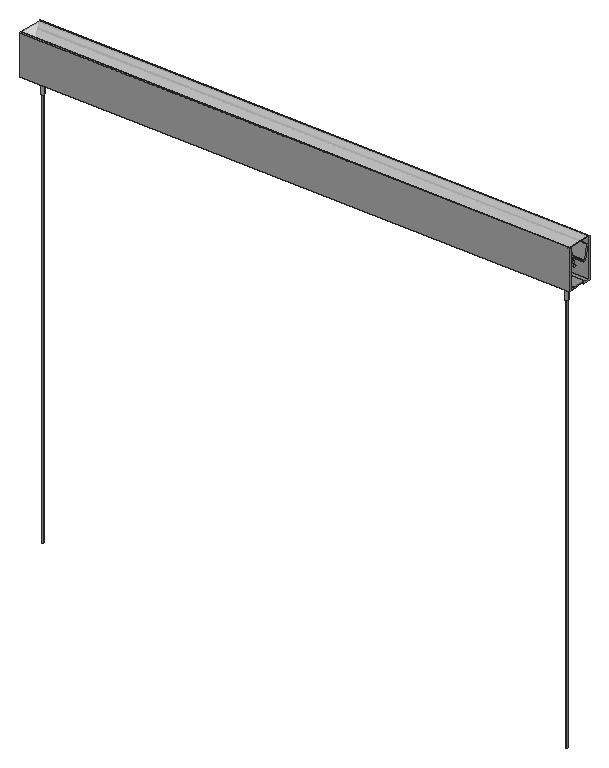
Revit family "2059333 Sylvania Lighting Fixture MC2 D I 1-2M 4K DALIEM WHT OPAL", category Lighting Fixtures, host Face, Revit 2016
Family settings
  Host = Face
  Part Type = Normal
  Round Connector Dimension = Use Diameter
  OmniClass Number = 23.80.70.11.17
  OmniClass Title = Specialized Lighting by Location or Use
  Cut with Voids When Loaded = No
  Light Source = Yes
  Shared = No
  Room Calculation Point = No
Parameters (values of type "2059333 MC2 D/I 1.2M 4K DALIEM WHT OPAL Emergency mode")
  Width_SYL = 54.0 mm
  Weight = "3.4 kg"
  Wattage = 35 W
  WarrantyStartDate [instance] = "n/a"
  WarrantyGuarantorParts = "n/a"
  WarrantyDurationUnit = "n/a"
  WarrantyDurationParts = "n/a"
  WarrantyDescription = "n/a"
  built-in parameter 1150110 = 1 (stored number, unit not read)
  Voltage = 0 V
  URL = "http://www.sylvania-lighting.com"
  TypeName = "MC2 D/I 1.2M 4K DALIEM WHT OPAL Emergency mode"
  built-in parameter 1114217 = 1 (stored number, unit not read)
  Tilt Angle = -90.00°
  built-in parameter 1150109 = 1 (stored number, unit not read)
  built-in parameter 1150134 = 12
  built-in parameter 1150113 = 1 (stored number, unit not read)
  SerialNumber [instance] = "n/a"
  PowerFactor = 0.95
  PowerConsumption = "35 W"
  NominalWidth = 0.0 mm
  NominalLength = 1200.0 mm
  NominalHeight = 86.0 mm
  Name = "MC2 D/I 1.2M 4K DALIEM WHT OPAL Emergency mode"
  ModelReference = "MC2 D/I 1.2M 4K DALIEM WHT OPAL"
  ModelNumber = "2059333"
  Material_3_SYL = Metal_Sylvania_Mini Contiuum II_Silver
  Photometric Web File = "2059333EM.ies"
  Material_4_SYL = Metal_Sylvania_Mini Contiuum II_Silver
  MountingHeight_SYL [instance] = 1000.0 mm
  Material = "aluminium housing, polycarbonate diffuser"
  ManufacturerName = "Feilo Sylvania"
  LuminousEfficacy = "3.457 lm/W"
  LuminaireType = ""
  LightOutputRatio = "100"
  Length_SYL = 1200.0 mm
  LampsType = Lamp  # "LED"
  LampNominalLuminous = "121 lm"
  LampMacAdamStep = "3"
  LampColourTemperature = "4000 K"
  LampColourRenderingIndex = "80"
  Keynote = "16500"
  InstallationDate [instance] = "n/a"
  InputVoltage = "n/a"
  InputNominalFrequency = "n/a"
  IngressProtection = "IP20"
  ImpactProtectionIndex = "n/a"
  IfcExportType = "IfcLightFixtureType"
  IfcExportAs = "IfcLightFixtureType"
  Height_SYL = 86.0 mm
  ExpectedLife = 50000
  EndCapRight_SYL [instance] = no
  EndCapLeft_SYL [instance] = no
  Emit from Rectangle Width = Width_SYL - 2.0 mm  # 52.0 mm
  Emit from Rectangle Length = Length_SYL  # 1200.0 mm
  Emit Shape Visible in Rendering = no
  ElectricShockClassification = "Class I"
  DurationUnit = "hours"
  DocumentationLiterature = "http://www.sylvania-lighting.com/product/en-int/products/2059333"
  DimmingControlOptions = "n/a"
  CreatedOn = "10/15/2018"
  CreatedBy = "@sylvania-lighting.com"
  built-in parameter 1114216 [instance] = 1 (stored number, unit not read)
  Model = "MC2 D/I 1.2M 4K DALIEM WHT OPAL"
  Manufacturer = "Feilo Sylvania"
  built-in parameter 1150105 = 9.6289 (stored number, unit not read)
  Lumens = 121 lm
  built-in parameter 1150115 = 1 (stored number, unit not read)
  built-in parameter 1150137 = (empty or 0)
  built-in parameter 1150139 = (empty or 0)
  built-in parameter 1150112 = 1 (stored number, unit not read)
  built-in parameter 1150114 = 1 (stored number, unit not read)
  Lamp = "LED"
  built-in parameter 1150132 = 2
  built-in parameter 1150102 = (empty or 0)
  built-in parameter 1150107 = 4000 (stored number, unit not read)
  built-in parameter 1150138 = (empty or 0)
  built-in parameter 1150106 = 0.096289 (stored number, unit not read)
  Material_1_SYL = Metal_Sylvania_Mini Continuum II_White
  built-in parameter 1150104 = 0.32118 (stored number, unit not read)
  Dimming Lamp Color Temperature Shift = <None>
  Material_2_SYL = Polycarbonate_Sylvania_Mini Continuum II_Opal_4000K
  Description = "2059333   MC2 D/I 1.2M 4K DALIEM WHT OPAL  Continuous lines of LED light, white RAL 9016, direct/indirect distribution (65/35), various accessories available, compact and minimalist design based on the Golden Mean, ideal for offices, meeting rooms, corridors, education facilities, museums and libraries, extruded aluminium body, diffuser: opal, colour temperature: 4000K neutral white, total system power: 35W, total fixture output: 3833lm, luminaire efficacy: 110lm/W, LOR: 100%, colour rendering: Ra >80, LED Chromacity: 1 step MacAdam ellipse, lifetime: 60,000 hours at 90% of the original output (L90), energy class: A++, A+, A, IR/UV free light source without heat radiation, operating voltage: 220-240V / 50-60Hz, drive current: (Direct) 800mA + (Indirect) 350mA, electronic driver, DALI dimmable, direct/indirect independently addressable, integral emergency: 3 hour maintained, electrical protection: CLASS I, ingress protection rating: IP20, suitable for internal environment only."
  Default Elevation = 0.0 mm
  Color Filter = 16777215
  built-in parameter 1140040 [instance] = 1
  BarCode [instance] = "n/a"
  built-in parameter 1114218 = 1 (stored number, unit not read)
  built-in parameter 1150133 = 10 (stored number, unit not read)
  AssetType = "Fixed"
  AssetIdentifier [instance] = "n/a"
  Assembly Code = "D5020200"
  Apparent Load = 35 VA
Types (2, lengths in mm): name | TypeName | Name | Photometric Web File | LuminousEfficacy | LampNominalLuminous | built-in parameter 1150105 | Lumens | built-in parameter 1150106 | built-in parameter 1150104
  2059333 MC2 D/I 1.2M 4K DALIEM WHT OPAL Emergency mode | "MC2 D/I 1.2M 4K DALIEM WHT OPAL Emergency mode" | "MC2 D/I 1.2M 4K DALIEM WHT OPAL Emergency mode" | "2059333EM.ies" | "3.457 lm/W" | "121 lm" | 9.6289 (stored number, unit not read) | 121 lm | 0.096289 (stored number, unit not read) | 0.32118 (stored number, unit not read)
  2059333 MC2 D/I 1.2M 4K DALIEM WHT OPAL | "MC2 D/I 1.2M 4K DALIEM WHT OPAL" | "MC2 D/I 1.2M 4K DALIEM WHT OPAL" | "2059333.ies" | "115 lm/W" | "4032 lm" | 320.3 (stored number, unit not read) | 4025 lm | 3.203 (stored number, unit not read) | 10.684 (stored number, unit not read)
Reference planes
  plane 1 "Center (Front/Back)": y = 0
  plane 2 "Bottom Fixtures": z = 0
  plane 3 "Center (Left/Right)": x = 0
  plane 4 "Fixture Left": x = -600
  plane 5 "Fixture Right": x = 600
  plane 6 "Fixture Bottom": z = 1000
  plane 7: z = 998
  plane 8: z = 996
  plane 9: z = 986.951
  plane 10: z = 956.951
  plane 11 "Fixture Top": z = 914
  plane 12 "Mounting Right": x = 572
  plane 13 "Mounting Left": x = -572
  plane 14: z = 879
  plane 15: y = 27
  plane 16: y = -27
  plane 17: y = -26
  plane 18: y = -25
  plane 19: y = 26
  plane 20: y = 25
  plane 21: y = 11
  plane 22: y = -11
  plane 23: y = 24
  plane 24: y = 22
  plane 25: y = -22
  plane 26: y = 15
  plane 27: y = -15
  plane 28 "Upper Diffuser Left": x = -450
  plane 29 "Upper Diffuser Right": x = 450
  plane 30: x = -602
  plane 31: x = 602
Forms (mm)
  Extrusion 1, solid, material "Metal_Sylvania_Mini Continuum II_White" <- "Material_1_SYL", detail levels fine
    sketch origin (0, 0, 520) x (0, 1, 0) y (0, 0, 1)
      loop
        line (27, 480) -> (26, 480) -> (26, 478) -> (25, 478) -> (25, 396) -> (13, 396) -> (13, 398) -> (-13, 398) -> (-13, 396) -> (-25, 396) -> (-25, 478) -> (-26, 478) -> (-26, 480) -> (-27, 480) -> (-27, 394) -> (-11, 394) -> (-11, 396) -> (11, 396) -> (11, 394) -> (27, 394) -> (27, 480)
    from -600 to 600
  Extrusion 2, solid, material "Polycarbonate_Sylvania_Mini Continuum II_Opal_4000K" <- "Material_2_SYL", detail levels fine
    sketch origin (0, 0, 520) x (0, 1, 0) y (0, 0, 1)
      loop
        line (-26, 480) -> (-26, 478) -> (26, 478) -> (26, 480) -> (-26, 480)
    from -600 to 600
  Extrusion 3, solid, material "Metal_Sylvania_Mini Contiuum II_Silver" <- "Material_3_SYL", detail levels fine
    sketch origin (0, 0, 520) x (0, 1, 0) y (0, 0, 1)
      loop
        line (22, 466.951) -> (20.973, 466.951) -> (14.206, 437.951) -> (11, 437.951) -> (11, 436.951) -> (15, 436.951) -> (22, 466.951)
      loop
        line (-15, 436.951) -> (-11, 436.951) -> (-11, 437.951) -> (-14.206, 437.951) -> (-20.973, 466.951) -> (-22, 466.951) -> (-15, 436.951)
    from -600 to 600
  Extrusion 4, solid, material "Metal_Sylvania_Mini Continuum II_White" <- "Material_1_SYL", detail levels coarse+medium
    sketch origin (0, 0, 520) x (0, 1, 0) y (0, 0, 1)
      loop
        line (-27, 480) -> (-27, 394) -> (27, 394) -> (27, 480) -> (-27, 480)
    from -600 to 600
  Extrusion 5, solid, material "Metal_Sylvania_Mini Contiuum II_Silver" <- "Material_4_SYL", detail levels fine
    sketch origin (0, 0, -86) x (-1, 0, 0) y (0, -1, 0)
      loop
        circle (572, 0) r 4
      loop
        circle (-572, 0) r 4
    from 965 to 1002
  Extrusion 6, solid, material "Metal_Sylvania_Mini Contiuum II_Silver" <- "Material_4_SYL", detail levels fine
    sketch origin (0, 0, -86) x (-1, 0, 0) y (0, -1, 0)
      loop
        circle (-572, 0) r 1
      loop
        circle (572, 0) r 1
    from 86 to 965
  Extrusion 7, solid, material "Polycarbonate_Sylvania_Mini Continuum II_Opal_4000K" <- "Material_2_SYL", detail levels fine
    sketch origin (0, 0, 0) x (0, 1, 0) y (0, 0, 1)
      loop
        arc (11, 916) -> (5.59, 914.504) -> (0, 914) r 31.25
        arc (0, 914) -> (-5.59, 914.504) -> (-11, 916) r 31.25
        line (-11, 916) -> (-11, 914.934)
        arc (-11, 914.934) -> (-5.584, 913.487) -> (0, 913) r 32.25
        arc (0, 913) -> (5.584, 913.487) -> (11, 914.934) r 32.25
        line (11, 914.934) -> (11, 916)
    from -450 to 450
  Extrusion 8, void
    sketch origin (0, 0, 0) x (0, 1, 0) y (0, 0, 1)
      loop
        line (11, 918) -> (-11, 918) -> (-11, 916) -> (11, 916) -> (11, 918)
    from -450 to 450
  Extrusion 9, solid, material "Metal_Sylvania_Mini Continuum II_White" <- "Material_1_SYL", visible <- "EndCapLeft_SYL"
    sketch origin (-600, 171.684, 1219.2) x (0, 1, 0) y (0, 0, 1)
      loop
        line (-198.684, -305.2) -> (-144.684, -305.2) -> (-144.684, -219.2) -> (-198.684, -219.2) -> (-198.684, -305.2)
    from 0 to -2
  Extrusion 10, solid, material "Metal_Sylvania_Mini Continuum II_White" <- "Material_1_SYL", visible <- "EndCapRight_SYL"
    sketch origin (600, 171.684, 1219.2) x (0, 1, 0) y (0, 0, -1)
      loop
        line (-144.684, 219.2) -> (-144.684, 305.2) -> (-198.684, 305.2) -> (-198.684, 219.2) -> (-144.684, 219.2)
    from 0 to -2
Cuts and joins
  Extrusion 8 cuts Extrusion 1
Lines and regions (mm)
  Masking region 1
    outline origin (0, 0, -86) x (-1, 0, 0) y (0, -1, 0)
      loop
        line (600, -27) -> (600, 27) -> (-600, 27) -> (-600, -27) -> (600, -27)
  symbolic lines, detail levels fine
    curve 1: line (-600, 26, -86) -> (600, 26, -86)
    curve 2: line (-600, -26, -86) -> (600, -26, -86)
  model lines, detail levels coarse+medium
    curve 3: line (-572, 0, 914) -> (-572, 0, 0)
    curve 4: line (572, 0, 914) -> (572, 0, 0)
Dimensions and locks
  host sketch curve to plane 3 "Center (Left/Right)" to host sketch curve = 820.0 mm, 775.047 mm
  equal spacing: plane 4 "Fixture Left", plane 3 "Center (Left/Right)", plane 5 "Fixture Right"
  "Length_SYL": plane 4 "Fixture Left" to plane 5 "Fixture Right"
  plane 6 "Fixture Bottom" to plane 7 to plane 8 to plane 9 to plane 10 = 2.0 mm locked, 2.0 mm locked, 9.049 mm locked, 30.0 mm locked
  locked: Extrusion 1 sketch curve to Extrusion 1 sketch curve at 2
  locked: Extrusion 1 sketch curve to plane 11 "Fixture Top" at 2
  "Height_SYL": plane 6 "Fixture Bottom" to plane 11 "Fixture Top"
  locked: plane 12 "Mounting Right" to plane 5 "Fixture Right" at 28
  locked: plane 4 "Fixture Left" to plane 13 "Mounting Left" at 28
  locked: plane 11 "Fixture Top" to plane 14 at 35
  "MountingHeight_SYL": plane 6 "Fixture Bottom" to plane 2 "Bottom Fixtures"
  equal spacing: plane 15, plane 1 "Center (Front/Back)", plane 16
  "Width_SYL": plane 15 to plane 16
  plane 22 to plane 27 to plane 25 to plane 18 to plane 17 to plane 16 = 4.0 mm locked, 7.0 mm locked, 3.0 mm locked, 1.0 mm locked, 1.0 mm locked
  plane 15 to plane 19 to plane 20 to plane 23 to plane 24 to plane 26 to plane 21 = 1.0 mm locked, 1.0 mm locked, 1.0 mm locked, 2.0 mm locked, 7.0 mm locked, 4.0 mm locked
  locked: plane 4 "Fixture Left" to plane 28 "Upper Diffuser Left" at 150
  locked: plane 29 "Upper Diffuser Right" to plane 5 "Fixture Right" at 150
  equal spacing: plane 30, plane 3 "Center (Left/Right)", plane 31
  locked: plane 30 to plane 4 "Fixture Left" at 2
  aligned and locked: plane 2 "Bottom Fixtures" to host face
  aligned and locked: level to host face
  aligned and locked: plane 5 "Fixture Right" to curve 1
  aligned and locked: plane 4 "Fixture Left" to curve 1
  aligned and locked: plane 4 "Fixture Left" to curve 2
  aligned and locked: plane 5 "Fixture Right" to curve 2
  aligned and locked: Extrusion 1 sketch curve to plane 7
  aligned and locked: plane 6 "Fixture Bottom" to Extrusion 1 sketch curve  (x2)
  aligned and locked: plane 7 to Extrusion 1 sketch curve
  aligned and locked: Extrusion 1 to Extrusion 2 sketch curve
  aligned and locked: Extrusion 2 sketch curve to Extrusion 1  (x3)
  aligned and locked: Extrusion 3 sketch curve to plane 10
  aligned and locked: plane 9 to Extrusion 3 sketch curve
  aligned and locked: Extrusion 3 sketch curve to plane 9
  aligned and locked: Extrusion 4 sketch curve to plane 6 "Fixture Bottom"
  aligned and locked: Extrusion 4 to plane 4 "Fixture Left"
  aligned and locked: Extrusion 2 to plane 4 "Fixture Left"
  aligned and locked: Extrusion 3 to plane 4 "Fixture Left"
  aligned and locked: Extrusion 1 to plane 4 "Fixture Left"
  aligned and locked: Extrusion 4 to plane 5 "Fixture Right"
  aligned and locked: Extrusion 2 to plane 5 "Fixture Right"
  aligned and locked: Extrusion 3 to plane 5 "Fixture Right"
  aligned and locked: Extrusion 1 to plane 5 "Fixture Right"
  aligned and locked: plane 11 "Fixture Top" to Extrusion 4 sketch curve
  aligned and locked: Extrusion 1 sketch curve to plane 11 "Fixture Top"  (x2)
  aligned and locked: Extrusion 1 sketch curve to Extrusion 1 sketch curve
  aligned and locked: plane 6 "Fixture Bottom" to imposter light
  aligned and locked: plane 11 "Fixture Top" to curve 3
  aligned and locked: plane 2 "Bottom Fixtures" to curve 3
  aligned and locked: plane 11 "Fixture Top" to curve 4
  aligned and locked: plane 2 "Bottom Fixtures" to curve 4
  aligned and locked: curve 4 to plane 12 "Mounting Right"
  aligned and locked: curve 3 to plane 13 "Mounting Left"
  aligned and locked: Extrusion 5 to Extrusion 1
  aligned and locked: Extrusion 5 to plane 14
  aligned and locked: plane 14 to Extrusion 6
  aligned and locked: Extrusion 6 to level
  aligned and locked: plane 11 "Fixture Top" to Extrusion 7 sketch curve
  aligned and locked: Extrusion 7 to plane 28 "Upper Diffuser Left"
  aligned and locked: Extrusion 7 to plane 29 "Upper Diffuser Right"
  aligned and locked: plane 21 to Extrusion 3 sketch curve
  aligned and locked: Extrusion 3 sketch curve to plane 22
  aligned and locked: Extrusion 8 sketch curve to plane 21
  aligned and locked: Extrusion 8 sketch curve to plane 22
  aligned and locked: Extrusion 8 sketch curve to Extrusion 1  (x2)
  aligned and locked: Extrusion 8 to Extrusion 7  (x2)
  aligned and locked: plane 21 to Extrusion 7 sketch curve
  aligned and locked: plane 1 "Center (Front/Back)" to Extrusion 7 sketch curve
  aligned and locked: plane 22 to Extrusion 7 sketch curve
  aligned and locked: Extrusion 9 sketch curve to Extrusion 4  (x4)
  aligned and locked: Extrusion 9 to plane 30
  aligned and locked: plane 4 "Fixture Left" to Extrusion 9
  aligned and locked: Extrusion 10 sketch curve to Extrusion 4  (x4)
  aligned and locked: plane 31 to Extrusion 10
  aligned and locked: plane 5 "Fixture Right" to Extrusion 10
Automatic sketch dimensions
  host sketch curve to host sketch curve = 1047.463 mm
  plane 19 to curve 1 = 0.0 mm
  curve 2 to plane 17 = 0.0 mm
  Masking region 1 sketch curve to plane 5 "Fixture Right" = 0.0 mm
  Masking region 1 sketch curve to plane 4 "Fixture Left" = 0.0 mm
  plane 15 to Masking region 1 sketch curve = 0.0 mm
  Masking region 1 sketch curve to plane 16 = 0.0 mm
  Extrusion 1 sketch curve to plane 16 = 0.0 mm
  Extrusion 1 sketch curve to plane 17 = 0.0 mm
  Extrusion 1 sketch curve to plane 18 = 0.0 mm
  Extrusion 1 sketch curve to plane 22 = 0.0 mm
  Extrusion 1 sketch curve to plane 21 = 0.0 mm
  Extrusion 1 sketch curve to plane 20 = 0.0 mm
  Extrusion 1 sketch curve to plane 19 = 0.0 mm
  Extrusion 1 sketch curve to plane 15 = 0.0 mm
  plane 11 "Fixture Top" to Extrusion 1 sketch curve = 2.0 mm
  Extrusion 1 sketch curve to plane 22 = 2.0 mm
  Extrusion 1 sketch curve to plane 21 = 2.0 mm
  Extrusion 3 sketch curve to plane 25 = 0.0 mm
  Extrusion 3 sketch curve to plane 27 = 0.0 mm
  Extrusion 3 sketch curve to plane 26 = 0.0 mm
  Extrusion 3 sketch curve to plane 24 = 0.0 mm
  plane 10 to Extrusion 3 sketch curve = 1.0 mm
  Extrusion 3 sketch curve to Extrusion 3 sketch curve = 1.027 mm
  plane 27 to Extrusion 3 sketch curve = 0.794 mm
  plane 26 to Extrusion 3 sketch curve = 0.794 mm
  plane 24 to Extrusion 3 sketch curve = 1.027 mm
  Extrusion 4 sketch curve to plane 16 = 0.0 mm
  Extrusion 4 sketch curve to plane 15 = 0.0 mm
  plane 1 "Center (Front/Back)" to Extrusion 5 sketch curve = 0.0 mm  (x2)
  Extrusion 5 sketch curve to plane 12 "Mounting Right" = 0.0 mm
  Extrusion 5 sketch curve to plane 13 "Mounting Left" = 0.0 mm
  plane 1 "Center (Front/Back)" to Extrusion 6 sketch curve = 0.0 mm  (x2)
  Extrusion 6 sketch curve to plane 12 "Mounting Right" = 0.0 mm
  Extrusion 6 sketch curve to plane 13 "Mounting Left" = 0.0 mm
  Extrusion 7 sketch curve to Extrusion 7 sketch curve = 0.0 mm  (x4)
  plane 11 "Fixture Top" to Extrusion 7 sketch curve = 0.934 mm
  Extrusion 3 sketch curve to Extrusion 3 sketch curve = 0.0 mm
  Extrusion 3 sketch curve to plane 10 = 0.0 mm
  plane 11 "Fixture Top" to Extrusion 7 sketch curve = 2.0 mm
  radius of Extrusion 5 sketch curve = 4.0 mm  (x2)
  radius of Extrusion 6 sketch curve = 1.0 mm  (x2)
Connectors
  electrical at (600, 0, 949), driven by "Apparent Load"
    settings: on Extrusion 1, index 1, voltage 230 V, apparent load 0 VA, apparent load phase1 35 VA, apparent load phase2 0 VA, apparent load phase3 0 VA, power factor 1, load classification "Lighting", number of poles 1, system type 31, power factor state 1, is connector primary yes, connector utility no, sub classification motor no, connector description ""
